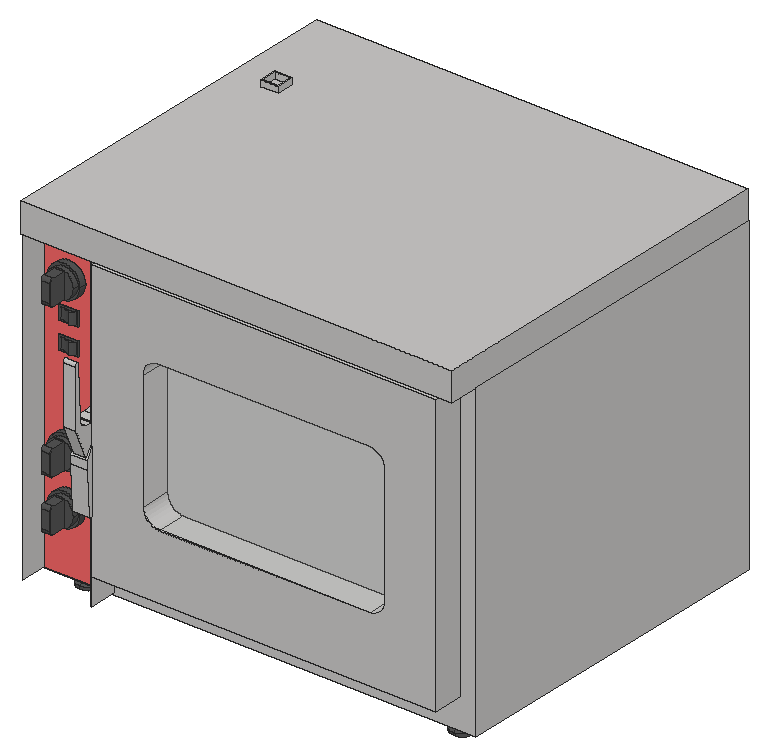
Revit family "ADB Fours 706CT", category Equipement spécialisé, Revit 2022
Family settings
  Cote de connecteur circulaire = Utiliser le diamètre
  Type d'élément = Normal
  Numéro OmniClass = 23.40.40.14.17.11
  Titre OmniClass = Cookers, Ovens, Stoves
  Basée sur le plan de construction = Non
  Toujours verticalement = Oui
  Couper avec des vides une fois chargée = Non
  Conserver l'orientation des annotations = Non
  Partagée = Non
  Repère de localisation dans la pièce = Non
Parameters (values of type "CFE 706 CT")
  URL catalogue = "https://www.ambassade-de-bourgogne.com/fr/produits/fours/Resources/CFE-706-CT.pdf"
  URL = "https://www.ambassade-de-bourgogne.com/fr/produits/fours/Resources/CFE-706-CT.pdf"
  Type de Raccord Plomberie [instance] = if(Humidificateur HU 706, "21/15", "")  # ""
  Type de Raccord Electrique [instance] = "Bornier 40A"  # constant formula
  Type article = ""
  Tension [instance] = 230 V  # constant formula
  Support Four SF 706 [instance] = no
  Spécification du Fabricant = ""
  Sans option [instance] = not(SF500)  # yes
  SF500 [instance] = or(Support Four SF 706, [Echelles ECH 700 + Support Four SF 706])  # no
  Remarques Electricité [instance] = "230V(MONO) ou 400V(TRI)ou 400V(TRI sans neutre)"  # constant formula
  Puissance électrique [instance] = 6000 W + if(Gril électrique SG 706, 2850 W, 0 W)  # 6000 W
  Profondeur [instance] = 752 mm  # constant formula
  Porte standard [instance] = not(Porte inversée)  # yes
  Humidificateur HU 706 [instance] = no
  Gril électrique SG 706 = no
  Encombrement Porte standard [instance] = and(Encombrements, not(Porte inversée))  # yes
  Porte inversée [instance] = no
  Poids net à vide [instance] = 76.00 kg + if(or(Support Four SF 706, [Echelles ECH 700 + Support Four SF 706]), 15.00 kg, 0.00 kg)  # 76.00 kg
  Phase [instance] = 1  # constant formula
  Nombres de Pôles [instance] = Phase  # 1
  Modèle = "CFE 706 CT"
  Longueur [instance] = 750 mm  # constant formula
  Intensité nominale [instance] = Puissance électrique / (Tension * sqrt(Phase))  # 26.087 A
  Ht Four = 639 mm  # constant formula
  Hauteur [instance] = if(SF500, 1517 mm, 639 mm)  # 639 mm
  Fréquence [instance] = 50 Hz  # constant formula
  Fabricant = "Société Industrielle de Lacanche"  # constant formula
  Encombrements [instance] = yes
  Encombrement Porte inversée [instance] = and(Encombrements, Porte inversée)  # no
  Elévation par défaut = 0 mm
  Echelles ECH 700 + Support Four SF 706 [instance] = no
  Décalage porte [instance] = if(Porte inversée, 26 mm, 126 mm)  # 126 mm
  Décalage poignée [instance] = if(Porte inversée, 654 mm, 126 mm)  # 126 mm
  Décalage commandes [instance] = if(Porte inversée, Longueur, 121 mm)  # 121 mm
  Décalage boutons [instance] = if(Porte inversée, 46.5 mm, 75 mm)  # 75 mm
  Diamètre de Raccordement Eau Froide [instance] = if(Humidificateur HU 706, 21 mm, 0 mm)  # 0 mm
  Description = "Four électrique à convection forcée 6 niveaux GN 1/1 au pas de 65mm"
  Connecteurs [instance] = yes
  Type Comments = ""
Reference planes
  plane 1 "Centre (avant/arrière)": y = 0
  plane 2: z = 0
  plane 3 "Centre (gauche/droite)": x = 0
  plane 4 "dessus": z = 639
  plane 5 "gauche": x = -375
  plane 6 "droite": x = 375
  plane 7 "avant": y = -376
  plane 8 "arrière": y = 376
  plane 9 "Bas Four": z = 0
  plane 10 "COMMANDE": x = -254
  plane 11: z = 22.5
  plane 12 "Elec X": x = -280
  plane 13 "ElecZ": z = 297
  plane 14 "pieds": x = -311
  plane 15 "Poignée": x = -249
  plane 16 "Boutons": x = -329
Forms (mm)
  Revolve 1, solid, material "ADB_Plastic-Black", visible <- "SF500", detail levels medium+fine
    sketch origin (2.85, -239, 0) x (-1, 0, 0) y (0, 0, -1)
      loop
        line (-308.15, -34) -> (-308.15, 0) -> (-337.65, 0) -> (-337.65, -5) -> (-334.277, -5)
        arc (-334.277, -5) -> (-330.265, -6.403) -> (-328, -10) r 6.44
        line (-328, -10) -> (-328, -22) -> (-332, -22) -> (-338.176, -28.176) -> (-338.3, -34) -> (-308.15, -34)
      axis (-308.15, -34) -> (-308.15, 0)
    angle from 0 to 360
  Extrusion 2, solid, material "ADB_Stainless Steel-Polished", visible <- "SF500", detail levels medium+fine
    sketch origin (0, 0, 0) x (1, 0, 0) y (0, 1, 0)
      loop
        circle (311, -239) r 30.15
      loop
        circle (311, 241.07) r 30.15
      loop
        circle (-311, -239.07) r 30.15
      loop
        circle (-311, 241) r 30.15
    from 34 to 894
  Extrusion 3, solid, material "ADB_Stainless Steel-Polished", visible <- "SF500", detail levels medium+fine
    sketch origin (0, 0, 0) x (1, 0, 0) y (0, 1, 0)
      loop
        line (309.757, -239) -> (310.442, 241.032) -> (-310.356, 240.367) -> (-311.043, -239) -> (309.757, -239)
    from 157.2 to 193.2
  Extrusion 4, solid, material "ADB_Stainless Steel-Polished", visible <- "SF500", detail levels medium+fine
    sketch origin (0, 0, 0) x (1, 0, 0) y (0, 1, 0)
      loop
        line (-311, 253.5) -> (-311, -251.5) -> (311, -251.5) -> (311, 253.5) -> (-311, 253.5)
    from 856 to 895.012
  Revolve 5, solid, material "ADB_Plastic-Black", visible <- "Sans option", detail levels medium+fine
    sketch origin (325, -65.5, 0) x (0, 1, 0) y (0, 0, 1)
      loop
        line (-200, 16.5) -> (-200, 11.5) -> (-201.75, 11.5) -> (-201.75, 9.2) -> (-210.5, 4) -> (-210.5, 0) -> (-190.5, 0) -> (-190.5, 22.5) -> (-194.5, 22.5) -> (-194.5, 16.5) -> (-200, 16.5)
      axis (-190.5, 0) -> (-190.5, 22.5)
    angle from 0 to 360
  Extrusion 6, solid, material "ADB_Stainless Steel-Polished", detail levels medium+fine
    sketch origin (375, 0, 0) x (0, 1, 0) y (0, 0, 1)
      loop
        line (300.963, 22.5) -> (300.963, 565.5) -> (-292, 565.5) -> (-292, 22.5) -> (300.963, 22.5)
    from -749 to 1
  Extrusion 7, solid, material "ADB_Stainless Steel-Polished", detail levels medium+fine
    sketch origin (375, 0, 0) x (0, 1, 0) y (0, 0, 1)
      loop
        line (-343, 615.5) -> (-343, 565.5) -> (301, 565.5) -> (301, 615.5) -> (-343, 615.5)
    from 0 to -750
  Extrusion 8, solid, material "ADB_Stainless Steel-Polished", detail levels medium+fine
    sketch origin (0, -376, 0) x (-1, 0, 0) y (0, 0, 1)
      loop
        line (249, 560.5) -> (-349, 560.5) -> (-349, 75.5) -> (249, 75.5) -> (249, 560.5)
      loop
        arc (-232.8, 448.089) -> (-252.033, 440.122) -> (-260, 420.889) r 27.2
        line (-260, 420.889) -> (-260, 215.482)
        arc (-260, 215.482) -> (-252.033, 196.249) -> (-232.8, 188.282) r 27.2
        line (-232.8, 188.282) -> (132.936, 188.282)
        arc (132.936, 188.282) -> (152.194, 196.259) -> (160.171, 215.518) r 27.235
        line (160.171, 215.518) -> (160.171, 420.778)
        arc (160.171, 420.778) -> (152.172, 440.09) -> (132.861, 448.089) r 27.311
        line (132.861, 448.089) -> (-232.8, 448.089)
    from 32 to 84
  Extrusion 9, solid, material "ADB_Stainless Steel-Polished", detail levels medium+fine
    sketch origin (-249, 0, 115) x (0, 0, -1) y (0, -1, 0)
      loop
        line (-129.5, 353.5) -> (-144.5, 353.5) -> (-168.309, 340) -> (-198.309, 340) -> (-199.477, 322.486) -> (-200, 312.5) -> (-49.5, 312.5) -> (-50.023, 322.486) -> (-54.5, 348.5) -> (-129.5, 353.5)
    from 0 to 30
  Extrusion 10, solid, material "ADB_Stainless Steel-Polished", detail levels medium+fine
    sketch origin (-249, 0, 115) x (0, 0, -1) y (0, -1, 0)
      loop
        line (-198.5, 375.028) -> (-298.5, 375.028)
        arc (-298.5, 375.028) -> (-302.405, 373.199) -> (-303.5, 369.028) r 5.083
        line (-303.5, 369.028) -> (-212.553, 365.852)
        arc (-212.553, 365.852) -> (-202.751, 361.742) -> (-198.133, 352.169) r 15
        line (-198.133, 352.169) -> (-197.069, 340) -> (-168.309, 340) -> (-147.094, 352.029) -> (-198.5, 375.028)
    from 4.5 to 25.5
  Extrusion 11, solid, material "ADB_Network_Electricity_Yellow", visible <- "Connecteurs", detail levels medium+fine
    sketch origin (235.887, 300.963, 565.5) x (0, 0, -1) y (-1, 0, 0)
      loop
        circle (268.5, 515.887) r 10
    from 0 to 10
  Extrusion 12, solid, detail levels coarse
    sketch origin (0, 0, 0) x (1, 0, 0) y (0, 1, 0)
      loop
        line (-375, 376) -> (-375, -376) -> (375, -376) -> (375, 376) -> (-375, 376)
    from 0 to 639 <- "Hauteur"
  Revolve 13, solid, material "ADB_Plastic-Black", visible <- "SF500", detail levels medium+fine
    sketch origin (2.85, 241.07, 0) x (-1, 0, 0) y (0, 0, -1)
      loop
        line (-308.15, -34) -> (-308.15, 0) -> (-337.65, 0) -> (-337.65, -5) -> (-334.277, -5)
        arc (-334.277, -5) -> (-330.265, -6.403) -> (-328, -10) r 6.44
        line (-328, -10) -> (-328, -22) -> (-332, -22) -> (-338.176, -28.176) -> (-338.3, -34) -> (-308.15, -34)
      axis (-308.15, -34) -> (-308.15, 0)
    angle from 0 to 360
  Revolve 14, solid, material "ADB_Plastic-Black", visible <- "Sans option", detail levels medium+fine
    sketch origin (325, 361.5, 0) x (0, 1, 0) y (0, 0, 1)
      loop
        line (-127, 16.5) -> (-127, 11.5) -> (-128.75, 11.5) -> (-128.75, 9.2) -> (-137.5, 4) -> (-137.5, 0) -> (-117.5, 0) -> (-117.5, 22.5) -> (-121.5, 22.5) -> (-121.5, 16.5) -> (-127, 16.5)
      axis (-117.5, 0) -> (-117.5, 22.5)
    angle from 0 to 360
  Revolve 15, solid, material "ADB_Plastic-Black", visible <- "Sans option", detail levels medium+fine
    sketch origin (-324.875, -65.5, 0) x (0, 1, 0) y (0, 0, -1)
      loop
        line (-200, -16.5) -> (-194.5, -16.5) -> (-194.5, -22.5) -> (-190.5, -22.5) -> (-190.5, 0) -> (-210.5, 0) -> (-210.5, -4) -> (-201.75, -9.2) -> (-201.75, -11.5) -> (-200, -11.5) -> (-200, -16.5)
      axis (-190.5, 0) -> (-190.5, -22.5)
    angle from 0 to 360
  Revolve 16, solid, material "ADB_Plastic-Black", visible <- "Sans option", detail levels medium+fine
    sketch origin (-324.875, 361.5, 0) x (0, 1, 0) y (0, 0, -1)
      loop
        line (-127, -16.5) -> (-121.5, -16.5) -> (-121.5, -22.5) -> (-117.5, -22.5) -> (-117.5, 0) -> (-137.5, 0) -> (-137.5, -4) -> (-128.75, -9.2) -> (-128.75, -11.5) -> (-127, -11.5) -> (-127, -16.5)
      axis (-117.5, 0) -> (-117.5, -22.5)
    angle from 0 to 360
  Extrusion 17, solid, material "ADB_Stainless Steel-Polished", detail levels medium+fine
    sketch origin (0, 0, 0) x (-1, 0, 0) y (0, -1, 0)
      loop
        line (374, 292) -> (374, 339.8) -> (372.5, 339.8) -> (372.5, 294.5) -> (255.5, 294.5) -> (255.5, 339.8) -> (254, 339.8) -> (254, 292) -> (374, 292)
    from 25.5 to 565.561
  Extrusion 18, solid, material "ADB_Plastic-Black", detail levels fine
    sketch origin (-20, 0, 0) x (-1, 0, 0) y (0, -1, 0)
      loop
        line (292.526, 296.5) -> (292.526, 294.5) -> (324.526, 294.5) -> (324.526, 296.5) -> (292.526, 296.5)
    from 421 to 446
  Extrusion 19, solid, material "ADB_Plastic-Black", detail levels fine
    sketch origin (-20, 0, 0) x (-1, 0, 0) y (0, -1, 0)
      loop
        arc (321.026, 296.5) -> (310.901, 298.311) -> (302.03, 303.518) r 29.216
        arc (302.03, 303.518) -> (298.371, 300.571) -> (296.026, 296.5) r 12.769
        line (296.026, 296.5) -> (321.026, 296.5)
    from 424 to 443
  Extrusion 20, solid, material "ADB_Glass-Transparent", detail levels medium+fine
    sketch origin (0, -376, 0) x (-1, 0, 0) y (0, 0, 1)
      loop
        arc (-232.8, 448.089) -> (-252.033, 440.122) -> (-260, 420.889) r 27.2
        line (-260, 420.889) -> (-260, 215.482)
        arc (-260, 215.482) -> (-252.033, 196.249) -> (-232.8, 188.282) r 27.2
        line (-232.8, 188.282) -> (132.971, 188.282)
        arc (132.971, 188.282) -> (152.205, 196.249) -> (160.171, 215.482) r 27.2
        line (160.171, 215.482) -> (160.171, 420.889)
        arc (160.171, 420.889) -> (152.205, 440.122) -> (132.971, 448.089) r 27.2
        line (132.971, 448.089) -> (-232.8, 448.089)
    from 33 to 84
  Revolve 21, solid, material "ADB_Plastic-Black", detail levels medium+fine
    sketch origin (-311, 479.933, 0) x (0, 1, 0) y (0, 0, 1)
      loop
        line (-239, 34) -> (-239, 0) -> (-209.567, 0) -> (-209.567, 5) -> (-212.94, 5)
        arc (-212.94, 5) -> (-216.953, 6.403) -> (-219.217, 10) r 6.44
        line (-219.217, 10) -> (-219.217, 22) -> (-215.217, 22) -> (-209.041, 28.176) -> (-208.917, 34) -> (-239, 34)
      axis (-239, 34) -> (-239, 0)
    angle from 0 to 360
  Revolve 22, solid, material "ADB_Plastic-Black", detail levels medium+fine
    sketch origin (-311, -0.137, 0) x (0, 1, 0) y (0, 0, 1)
      loop
        line (-239, 34) -> (-239, 0) -> (-209.567, 0) -> (-209.567, 5) -> (-212.94, 5)
        arc (-212.94, 5) -> (-216.953, 6.403) -> (-219.217, 10) r 6.44
        line (-219.217, 10) -> (-219.217, 22) -> (-215.217, 22) -> (-209.041, 28.176) -> (-208.917, 34) -> (-239, 34)
      axis (-239, 34) -> (-239, 0)
    angle from 0 to 360
  Extrusion 23, solid, material "ADB_Stainless Steel-Polished", visible <- "Porte standard", detail levels medium+fine
    sketch origin (0, 0, 639) x (0, -1, 0) y (1, 0, 0)
      loop
        line (-140, -318.5) -> (-110, -318.5) -> (-110, -288.5) -> (-140, -288.5) -> (-140, -318.5)
      loop
        line (-138.5, -317) -> (-111.5, -317) -> (-111.5, -290) -> (-138.5, -290) -> (-138.5, -317)
    from -23.5 to -13
  Extrusion 24, solid, material "ADB_Plastic-Black", detail levels fine
    sketch origin (0, 0, 0) x (-1, 0, 0) y (0, -1, 0)
      loop
        line (312.526, 296.5) -> (312.526, 294.5) -> (344.526, 294.5) -> (344.526, 296.5) -> (312.526, 296.5)
    from 374 to 399
  Extrusion 25, solid, material "ADB_Plastic-Black", detail levels fine
    sketch origin (0, 0, 0) x (-1, 0, 0) y (0, -1, 0)
      loop
        arc (341.026, 296.5) -> (330.901, 298.311) -> (322.03, 303.518) r 29.216
        arc (322.03, 303.518) -> (318.371, 300.571) -> (316.026, 296.5) r 12.769
        line (316.026, 296.5) -> (341.026, 296.5)
    from 377 to 396
  Sweep 26, solid, material "ADB_Stainless Steel-Polished", visible <- "Echelles ECH 700 + Support Four SF 706", detail levels medium+fine
    path origin (0, -265.559, 0) x (1, 0, 0) y (0, 0, 1)
      loop
        line (-166.5, 14.057) -> (-166.5, -488.75)
        arc (-166.5, -488.75) -> (-158.812, -507.312) -> (-140.25, -515) r 26.25
        line (-140.25, -515) -> (140.25, -515)
        arc (140.25, -515) -> (158.812, -507.312) -> (166.5, -488.75) r 26.25
        line (166.5, -488.75) -> (166.5, 14)
    profile origin (-166.5, -265.559, -237.346) x (0, -1, 0) y (1, 0, 0)
      loop
        circle (0, -10.5) r 10.5
  Sweep 27, solid, material "ADB_Stainless Steel-Polished", visible <- "Echelles ECH 700 + Support Four SF 706", detail levels medium+fine
    path origin (0, 267.503, 0) x (1, 0, 0) y (0, 0, 1)
      loop
        line (-166, 14.057) -> (-166, -488.75)
        arc (-166, -488.75) -> (-158.312, -507.312) -> (-139.75, -515) r 26.25
        line (-139.75, -515) -> (140.25, -515)
        arc (140.25, -515) -> (158.812, -507.312) -> (166.5, -488.75) r 26.25
        line (166.5, -488.75) -> (166.5, 14)
    profile origin (-166, 267.503, -237.346) x (0, -1, 0) y (1, 0, 0)
      loop
        circle (0, -10.5) r 10.5
  Extrusion 28, solid, material "ADB_Stainless Steel-Polished", visible <- "Porte inversée", detail levels medium+fine
    sketch origin (0, 0, 639) x (0, 1, 0) y (-1, 0, 0)
      loop
        line (140, -318.5) -> (140, -288.5) -> (110, -288.5) -> (110, -318.5) -> (140, -318.5)
      loop
        line (138.5, -317) -> (138.5, -290) -> (111.5, -290) -> (111.5, -317) -> (138.5, -317)
    from -23.5 to -13
  Extrusion 29, solid, material "ADB_Stainless Steel-Polished", visible <- "Porte standard", detail levels medium+fine
    sketch origin (0, 0, 639) x (0, -1, 0) y (1, 0, 0)
      loop
        line (-376, 159) -> (-376, -58.998) -> (-300.963, -58.998) -> (-300.963, 159) -> (-376, 159)
    from -566.2 to -227.8
  Extrusion 30, solid, material "ADB_Stainless Steel-Polished", visible <- "Porte inversée", detail levels medium+fine
    sketch origin (0, 0, 639) x (0, 1, 0) y (-1, 0, 0)
      loop
        line (376, 159) -> (300.963, 159) -> (300.963, -58.998) -> (376, -58.998) -> (376, 159)
    from -566.2 to -227.8
  Extrusion 31, solid, material "ADB_Network_Cold_water_Blue", visible <- "Humidificateur HU 706", detail levels medium+fine
    sketch origin (375, 300.963, 565.5) x (0, 0, -1) y (-1, 0, 0)
      loop
        circle (103.5, 684) r 10.5
    from 0 to 10
Cuts and joins
  joined: Extrusion 2, Extrusion 3, Extrusion 4
Lines and regions (mm)
  symbolic lines, style "SpecialityEquipmentHiddenLines", visible <- "Encombrement Porte standard"
    curve 1: line (349, -342, 0) -> (349, -940, 0)
    curve 2: arc (349, -940, 0) -> (-73.85, -764.85, 0) -> (-249, -342, 0) r 598
  symbolic lines, style "SpecialityEquipmentHiddenLines", visible <- "Encombrement Porte inversée"
    curve 3: line (-349, -344, 639) -> (-349, -942, 639)
    curve 4: arc (-349, -942, 639) -> (73.85, -766.85, 639) -> (249, -344, 639) r 598
Dimensions and locks
  "Hauteur": plane 4 "dessus" to plane 2
  equal spacing: plane 5 "gauche", plane 3 "Centre (gauche/droite)", plane 6 "droite"
  "Longueur": plane 5 "gauche" to plane 6 "droite"
  equal spacing: plane 8 "arrière", plane 1 "Centre (avant/arrière)", plane 7 "avant"
  "Profondeur": plane 8 "arrière" to plane 7 "avant"
  "Ht Four": plane 4 "dessus" to plane 9 "Bas Four"
  locked: Extrusion 6 to plane 5 "gauche" at 1
  "Décalage porte": Extrusion 8 sketch curve to plane 5 "gauche"
  "Décalage commandes": plane 10 "COMMANDE" to plane 5 "gauche"
  locked: plane 9 "Bas Four" to plane 11 at 22.5
  locked: plane 6 "droite" to plane 12 "Elec X" at 655
  locked: plane 9 "Bas Four" to plane 13 "ElecZ" at 297
  Extrusion 17 sketch curve to Extrusion 17 sketch curve to plane 10 "COMMANDE" = 1.5 mm locked, 118.5 mm
  locked: Extrusion 8 sketch curve to Extrusion 8 sketch curve at 88.829
  Extrusion 8 sketch curve to Extrusion 8 sketch curve to Extrusion 8 sketch curve = 420.171 mm locked, 89 mm locked
  Revolve 1 sketch curve to Revolve 1 sketch curve to Revolve 1 sketch curve to Revolve 1 sketch curve to plane 2 = 5.824 mm locked, 6.176 mm locked, 12 mm locked, 10 mm locked
  Revolve 13 sketch curve to Revolve 13 sketch curve to Revolve 13 sketch curve to Revolve 13 sketch curve to plane 2 = 5.824 mm locked, 6.176 mm locked, 12 mm locked, 10 mm locked
  locked: plane 5 "gauche" to plane 14 "pieds" at 64
  "Décalage poignée": plane 15 "Poignée" to plane 5 "gauche"
  Extrusion 18 sketch curve to plane 16 "Boutons" to Extrusion 18 sketch curve = 15.526 mm locked, 16.474 mm locked
  Extrusion 19 sketch curve to plane 16 "Boutons" to Extrusion 19 sketch curve to Extrusion 19 sketch curve = 12.026 mm locked, 6.97 mm locked, 6.005 mm locked
  locked: Extrusion 8 to Extrusion 20 sketch curve at 88.829
  locked: Extrusion 20 sketch curve to Extrusion 20 sketch curve at 420.171
  Extrusion 24 sketch curve to plane 16 "Boutons" to Extrusion 24 sketch curve = 15.526 mm locked, 16.474 mm locked
  Extrusion 25 sketch curve to plane 16 "Boutons" to Extrusion 25 sketch curve to Extrusion 25 sketch curve = 12.026 mm locked, 6.97 mm locked, 6.005 mm locked
  "Décalage boutons": plane 10 "COMMANDE" to plane 16 "Boutons"
  plane 5 "gauche" to Extrusion 23 sketch curve to Extrusion 23 sketch curve = 56.5 mm locked, 30 mm locked
  Extrusion 28 sketch curve to Extrusion 28 sketch curve to plane 6 "droite" = 30 mm locked, 56.5 mm locked
  Sweep 26 sketch curve to plane 9 "Bas Four" to Sweep 26 sketch curve = 14.057 mm locked, 515 mm locked
  locked: Sweep 26 sketch curve to plane 9 "Bas Four" at 14
  Sweep 27 sketch curve to plane 9 "Bas Four" to Sweep 27 sketch curve = 14.057 mm locked, 515 mm locked
  locked: Sweep 27 sketch curve to plane 9 "Bas Four" at 14
  Sweep 26 sketch curve to plane 3 "Centre (gauche/droite)" to Sweep 26 sketch curve = 166.5 mm locked, 166.5 mm locked
  Sweep 27 sketch curve to plane 3 "Centre (gauche/droite)" to Sweep 27 sketch curve = 166.5 mm locked, 166 mm locked
  Extrusion 8 sketch curve to Extrusion 8 sketch curve to plane 11 = 259.806 mm locked, 165.782 mm locked
  Extrusion 20 sketch curve to Extrusion 20 sketch curve to plane 11 = 259.806 mm locked, 165.782 mm locked
  locked: plane 6 "droite" to Extrusion 31 sketch curve at 684
  locked: plane 9 "Bas Four" to Extrusion 31 sketch curve at 462
  Extrusion 29 sketch curve to plane 3 "Centre (gauche/droite)" to Extrusion 29 sketch curve = 58.998 mm locked, 159 mm locked
  Extrusion 30 sketch curve to plane 3 "Centre (gauche/droite)" to Extrusion 30 sketch curve = 159 mm locked, 58.998 mm locked
  radius of Extrusion 8 sketch curve = 27.2 mm  (x2)
  radius of Extrusion 8 sketch curve = 27.311 mm
  radius of Extrusion 8 sketch curve = 27.235 mm
  radius of Extrusion 19 sketch curve = 29.216 mm
  radius of Extrusion 19 sketch curve = 12.769 mm
  radius of Extrusion 20 sketch curve = 27.2 mm  (x4)
  radius of Extrusion 25 sketch curve = 29.216 mm
  radius of Extrusion 25 sketch curve = 12.769 mm
  aligned and locked: level to plane 2
  aligned and locked: Extrusion 7 to plane 5 "gauche"
  aligned and locked: Extrusion 11 to plane 12 "Elec X"
  aligned and locked: Extrusion 11 sketch curve to plane 13 "ElecZ"
  aligned and locked: Extrusion 11 sketch curve to plane 12 "Elec X"
  aligned and locked: Extrusion 8 to curve 2
  aligned and locked: nested 2 to plane 16 "Boutons"
  aligned and locked: nested 3 to plane 16 "Boutons"
  aligned and locked: nested 4 to plane 16 "Boutons"
Automatic sketch dimensions
  Revolve 1 sketch curve to level = 0 mm  (x2)
  Revolve 1 sketch curve to plane 6 "droite" = 33.85 mm
  Revolve 1 sketch curve to Revolve 1 sketch curve = 0.124 mm
  level to Revolve 1 sketch curve = 5 mm
  Revolve 1 sketch curve to Revolve 1 sketch curve = 0.526 mm
  Revolve 1 sketch curve to Revolve 1 sketch curve = 3.373 mm
  Revolve 1 sketch curve to Revolve 1 sketch curve = 6.176 mm
  Revolve 1 sketch curve to Revolve 1 sketch curve = 4 mm
  Revolve 1 sketch curve to Revolve 1 sketch curve = 19.85 mm
  Revolve 1 sketch curve to Revolve 1 sketch curve = 0 mm  (x2)
  Extrusion 2 sketch curve to Extrusion 2 sketch curve = 0 mm  (x4)
  Extrusion 2 sketch curve to plane 14 "pieds" = 0 mm  (x2)
  Extrusion 2 sketch curve to plane 6 "droite" = 64 mm  (x2)
  plane 7 "avant" to Extrusion 2 sketch curve = 136.93 mm
  plane 7 "avant" to Extrusion 2 sketch curve = 137 mm
  Extrusion 2 sketch curve to plane 8 "arrière" = 135 mm
  Extrusion 2 sketch curve to plane 8 "arrière" = 134.93 mm
  Extrusion 2 sketch curve to Extrusion 2 sketch curve = 30.15 mm  (x2)
  Extrusion 3 sketch curve to plane 14 "pieds" = 0.043 mm
  plane 14 "pieds" to Extrusion 3 sketch curve = 0.644 mm
  Extrusion 3 sketch curve to plane 6 "droite" = 65.243 mm
  Extrusion 3 sketch curve to plane 6 "droite" = 64.558 mm
  plane 7 "avant" to Extrusion 3 sketch curve = 137 mm
  Extrusion 3 sketch curve to plane 8 "arrière" = 135.633 mm
  Extrusion 3 sketch curve to plane 8 "arrière" = 134.968 mm
  plane 14 "pieds" to Extrusion 4 sketch curve = 0 mm
  Extrusion 4 sketch curve to plane 6 "droite" = 64 mm
  plane 7 "avant" to Extrusion 4 sketch curve = 124.5 mm
  Extrusion 4 sketch curve to plane 8 "arrière" = 122.5 mm
  level to Revolve 5 sketch curve = 0 mm
  plane 7 "avant" to Revolve 5 sketch curve = 100 mm
  Revolve 5 sketch curve to Revolve 5 sketch curve = 8.75 mm
  Revolve 5 sketch curve to Revolve 5 sketch curve = 1.75 mm
  Revolve 5 sketch curve to plane 11 = 0 mm
  Revolve 5 sketch curve to Revolve 5 sketch curve = 5.5 mm
  Revolve 5 sketch curve to Revolve 5 sketch curve = 4 mm  (x2)
  level to Revolve 5 sketch curve = 9.2 mm
  Revolve 5 sketch curve to Revolve 5 sketch curve = 2.3 mm
  Revolve 5 sketch curve to Revolve 5 sketch curve = 5 mm
  Revolve 5 sketch curve to Revolve 5 sketch curve = 0 mm  (x3)
  plane 11 to Extrusion 6 sketch curve = 0 mm
  plane 7 "avant" to Extrusion 6 sketch curve = 84 mm
  Extrusion 6 sketch curve to plane 8 "arrière" = 75.037 mm
  plane 4 "dessus" to Extrusion 6 sketch curve = 73.5 mm
  plane 7 "avant" to Extrusion 7 sketch curve = 33 mm
  Extrusion 7 sketch curve to plane 8 "arrière" = 75 mm
  plane 4 "dessus" to Extrusion 7 sketch curve = 73.5 mm
  plane 4 "dessus" to Extrusion 7 sketch curve = 23.5 mm
  plane 13 "ElecZ" to Extrusion 9 sketch curve = 18 mm
  Extrusion 9 sketch curve to Extrusion 9 sketch curve = 0.523 mm  (x2)
  plane 13 "ElecZ" to Extrusion 9 sketch curve = 16.309 mm
  Extrusion 9 sketch curve to plane 13 "ElecZ" = 13.691 mm
  Extrusion 9 sketch curve to Extrusion 9 sketch curve = 23.809 mm
  plane 7 "avant" to Extrusion 9 sketch curve = 22.5 mm
  Extrusion 9 sketch curve to Extrusion 9 sketch curve = 15 mm
  plane 7 "avant" to Extrusion 9 sketch curve = 27.5 mm
  Extrusion 9 sketch curve to Extrusion 9 sketch curve = 75 mm
  plane 7 "avant" to Extrusion 9 sketch curve = 53.514 mm
  Extrusion 9 sketch curve to Extrusion 9 sketch curve = 4.477 mm
  plane 7 "avant" to Extrusion 9 sketch curve = 63.5 mm
  Extrusion 9 sketch curve to Extrusion 9 sketch curve = 9.986 mm
  Extrusion 9 sketch curve to Extrusion 9 sketch curve = 13.5 mm
  plane 7 "avant" to Extrusion 10 sketch curve = 6.972 mm
  plane 13 "ElecZ" to Extrusion 10 sketch curve = 121.5 mm
  plane 7 "avant" to Extrusion 10 sketch curve = 0.972 mm
  Extrusion 10 sketch curve to Extrusion 10 sketch curve = 5 mm
  plane 13 "ElecZ" to Extrusion 10 sketch curve = 31.076 mm
  plane 7 "avant" to Extrusion 10 sketch curve = 10.148 mm
  Extrusion 10 sketch curve to Extrusion 10 sketch curve = 0.523 mm
  plane 13 "ElecZ" to Extrusion 10 sketch curve = 16.5 mm
  Extrusion 10 sketch curve to Extrusion 10 sketch curve = 14.943 mm
  Extrusion 10 sketch curve to Extrusion 10 sketch curve = 1.065 mm
  Extrusion 10 sketch curve to plane 13 "ElecZ" = 13.691 mm
  Extrusion 10 sketch curve to Extrusion 10 sketch curve = 21.215 mm
  Extrusion 10 sketch curve to Extrusion 10 sketch curve = 13.684 mm
  plane 7 "avant" to Extrusion 10 sketch curve = 23.971 mm
  Extrusion 10 sketch curve to Extrusion 10 sketch curve = 12.029 mm
  Extrusion 12 sketch curve to plane 5 "gauche" = 0 mm
  Extrusion 12 sketch curve to plane 6 "droite" = 0 mm
  Extrusion 12 sketch curve to plane 7 "avant" = 0 mm
  Extrusion 12 sketch curve to plane 8 "arrière" = 0 mm
  Revolve 13 sketch curve to level = 0 mm  (x2)
  Revolve 13 sketch curve to plane 6 "droite" = 33.85 mm
  Revolve 13 sketch curve to Revolve 13 sketch curve = 0.124 mm
  level to Revolve 13 sketch curve = 5 mm
  Revolve 13 sketch curve to Revolve 13 sketch curve = 0.526 mm
  Revolve 13 sketch curve to Revolve 13 sketch curve = 3.373 mm
  Revolve 13 sketch curve to Revolve 13 sketch curve = 6.176 mm
  Revolve 13 sketch curve to Revolve 13 sketch curve = 4 mm
  Revolve 13 sketch curve to Revolve 13 sketch curve = 19.85 mm
  Revolve 13 sketch curve to Revolve 13 sketch curve = 0 mm  (x2)
  Revolve 14 sketch curve to level = 0 mm  (x2)
  plane 11 to Revolve 14 sketch curve = 0 mm  (x2)
  Revolve 14 sketch curve to plane 8 "arrière" = 152 mm
  Revolve 14 sketch curve to Revolve 14 sketch curve = 8.75 mm
  Revolve 14 sketch curve to Revolve 14 sketch curve = 1.75 mm
  Revolve 14 sketch curve to Revolve 14 sketch curve = 5.5 mm
  Revolve 14 sketch curve to Revolve 14 sketch curve = 4 mm
  level to Revolve 14 sketch curve = 4 mm
  level to Revolve 14 sketch curve = 9.2 mm
  Revolve 14 sketch curve to Revolve 14 sketch curve = 2.3 mm
  Revolve 14 sketch curve to Revolve 14 sketch curve = 5 mm
  Revolve 14 sketch curve to Revolve 14 sketch curve = 0 mm
  Revolve 15 sketch curve to level = 0 mm  (x2)
  plane 11 to Revolve 15 sketch curve = 0 mm  (x2)
  plane 7 "avant" to Revolve 15 sketch curve = 100 mm
  Revolve 15 sketch curve to Revolve 15 sketch curve = 8.75 mm
  Revolve 15 sketch curve to Revolve 15 sketch curve = 1.75 mm
  Revolve 15 sketch curve to Revolve 15 sketch curve = 5.5 mm
  Revolve 15 sketch curve to Revolve 15 sketch curve = 4 mm
  Revolve 15 sketch curve to Revolve 15 sketch curve = 6 mm
  Revolve 15 sketch curve to Revolve 15 sketch curve = 5 mm
  Revolve 15 sketch curve to Revolve 15 sketch curve = 2.3 mm
  level to Revolve 15 sketch curve = 4 mm
  Revolve 15 sketch curve to Revolve 15 sketch curve = 0 mm
  Revolve 16 sketch curve to level = 0 mm
  Revolve 16 sketch curve to plane 8 "arrière" = 152 mm
  Revolve 16 sketch curve to Revolve 16 sketch curve = 8.75 mm
  Revolve 16 sketch curve to Revolve 16 sketch curve = 1.75 mm
  plane 11 to Revolve 16 sketch curve = 0 mm
  Revolve 16 sketch curve to Revolve 16 sketch curve = 5.5 mm
  Revolve 16 sketch curve to Revolve 16 sketch curve = 4 mm
  Revolve 16 sketch curve to Revolve 16 sketch curve = 6 mm
  Revolve 16 sketch curve to Revolve 16 sketch curve = 5 mm
  Revolve 16 sketch curve to Revolve 16 sketch curve = 2.3 mm
  level to Revolve 16 sketch curve = 4 mm
  Revolve 16 sketch curve to Revolve 16 sketch curve = 0 mm  (x3)
  Extrusion 17 sketch curve to plane 10 "COMMANDE" = 0 mm
  Extrusion 17 sketch curve to Extrusion 17 sketch curve = 1.5 mm
  plane 7 "avant" to Extrusion 17 sketch curve = 84 mm
  Extrusion 17 sketch curve to Extrusion 17 sketch curve = 2.5 mm
  plane 7 "avant" to Extrusion 17 sketch curve = 36.2 mm  (x2)
  plane 7 "avant" to Extrusion 18 sketch curve = 81.5 mm
  Extrusion 18 sketch curve to Extrusion 18 sketch curve = 2 mm
  plane 7 "avant" to Extrusion 19 sketch curve = 83.731 mm
  curve 2 to plane 6 "droite" = 26 mm
  curve 1 to plane 6 "droite" = 26 mm
  plane 7 "avant" to curve 2 = 34 mm
  curve 2 to curve 1 = 0 mm
  Revolve 21 sketch curve to level = 0 mm  (x2)
  Revolve 21 sketch curve to plane 11 = 11.5 mm
  Revolve 21 sketch curve to plane 8 "arrière" = 135.067 mm
  level to Revolve 21 sketch curve = 10 mm
  Revolve 21 sketch curve to Revolve 21 sketch curve = 19.783 mm
  plane 11 to Revolve 21 sketch curve = 0.5 mm
  Revolve 21 sketch curve to Revolve 21 sketch curve = 4 mm
  Revolve 21 sketch curve to Revolve 21 sketch curve = 6.277 mm
  Revolve 21 sketch curve to Revolve 21 sketch curve = 3.373 mm
  Revolve 21 sketch curve to plane 11 = 5.676 mm
  Revolve 21 sketch curve to Revolve 21 sketch curve = 6.176 mm
  Revolve 21 sketch curve to Revolve 21 sketch curve = 0.124 mm
  level to Revolve 21 sketch curve = 5 mm
  Revolve 21 sketch curve to Revolve 21 sketch curve = 0 mm  (x2)
  Revolve 22 sketch curve to level = 0 mm  (x2)
  Revolve 22 sketch curve to plane 11 = 11.5 mm
  plane 7 "avant" to Revolve 22 sketch curve = 136.863 mm
  level to Revolve 22 sketch curve = 10 mm
  Revolve 22 sketch curve to Revolve 22 sketch curve = 19.783 mm
  plane 11 to Revolve 22 sketch curve = 0.5 mm
  Revolve 22 sketch curve to Revolve 22 sketch curve = 4 mm
  Revolve 22 sketch curve to Revolve 22 sketch curve = 6.277 mm
  Revolve 22 sketch curve to Revolve 22 sketch curve = 3.373 mm
  Revolve 22 sketch curve to plane 11 = 5.676 mm
  Revolve 22 sketch curve to Revolve 22 sketch curve = 6.176 mm
  Revolve 22 sketch curve to Revolve 22 sketch curve = 0.124 mm
  level to Revolve 22 sketch curve = 5 mm
  Revolve 22 sketch curve to Revolve 22 sketch curve = 0 mm  (x2)
  Extrusion 23 sketch curve to plane 1 "Centre (avant/arrière)" = 140 mm
  Extrusion 23 sketch curve to Extrusion 23 sketch curve = 1.5 mm  (x3)
  Extrusion 23 sketch curve to plane 14 "pieds" = 6 mm
  Extrusion 23 sketch curve to Extrusion 23 sketch curve = 27 mm
  plane 7 "avant" to Extrusion 24 sketch curve = 81.5 mm
  Extrusion 24 sketch curve to Extrusion 24 sketch curve = 2 mm
  plane 7 "avant" to Extrusion 25 sketch curve = 83.731 mm
  Sweep 27 sketch curve to plane 12 "Elec X" = 140.25 mm
  Sweep 27 sketch curve to Sweep 27 sketch curve = 26.25 mm
  profile plane to Sweep 27 sketch curve = 0 mm
  profile plane to Sweep 27 sketch curve = 10.5 mm
  Extrusion 28 sketch curve to plane 1 "Centre (avant/arrière)" = 110 mm
  Extrusion 28 sketch curve to Extrusion 28 sketch curve = 1.5 mm  (x4)
  Extrusion 28 sketch curve to Extrusion 28 sketch curve = 27 mm
  Extrusion 29 sketch curve to plane 8 "arrière" = 0 mm
  Extrusion 29 sketch curve to plane 8 "arrière" = 75.037 mm
  Extrusion 30 sketch curve to plane 8 "arrière" = 0 mm
  Extrusion 30 sketch curve to Extrusion 30 sketch curve = 75.037 mm
  profile plane to Sweep 26 sketch curve = 0 mm
  profile plane to Sweep 26 sketch curve = 10.5 mm
  Sweep 26 sketch curve to plane 12 "Elec X" = 139.75 mm
  Sweep 26 sketch curve to Sweep 26 sketch curve = 26.25 mm
  plane 7 "avant" to curve 4 = 32 mm
  plane 5 "gauche" to curve 3 = 26 mm
  curve 3 to plane 7 "avant" = 566 mm
  curve 4 to curve 3 = 0 mm  (x2)
  Extrusion 8 sketch curve to plane 11 = 53 mm
  plane 4 "dessus" to Extrusion 8 sketch curve = 78.5 mm
  radius of Extrusion 2 sketch curve = 30.15 mm  (x2)
  radius of Extrusion 11 sketch curve = 10 mm
  radius of Sweep 27 sketch curve = 10.5 mm
  radius of Sweep 26 sketch curve = 10.5 mm
  radius of Extrusion 31 sketch curve = 10.5 mm
Nested families
  nested 1: "ECH 700" at (-166.5, -2.694, 484), visible <- "Echelles ECH 700 + Support Four SF 706", type "ECH 700", detail levels medium+fine
  nested 2: "Bouton" at (-329, -294.5, 490.677) x (-1, 0, 0) z (0, -1, 0), type "Bouton"
  nested 3: "Bouton" at (-329, -294.5, 225.052) x (-1, 0, 0) z (0, -1, 0), type "Bouton"
  nested 4: "Bouton" at (-329, -294.5, 135.364) x (-1, 0, 0) z (0, -1, 0), type "Bouton"
  nested 5: "ECH 700" at (166.5, -2.694, 484) x (-1, 0, 0) z (0, 0, 1), visible <- "Echelles ECH 700 + Support Four SF 706", type "ECH 700", detail levels medium+fine
  nested 6: "ECH 700" at (-166.5, -2.694, 564), visible <- "Echelles ECH 700 + Support Four SF 706", type "ECH 700", detail levels medium+fine
  nested 7: "ECH 700" at (166.5, -2.694, 564) x (-1, 0, 0) z (0, 0, 1), visible <- "Echelles ECH 700 + Support Four SF 706", type "ECH 700", detail levels medium+fine
  nested 8: "ECH 700" at (-166.5, -2.694, 644), visible <- "Echelles ECH 700 + Support Four SF 706", type "ECH 700", detail levels medium+fine
  nested 9: "ECH 700" at (166.5, -2.694, 644) x (-1, 0, 0) z (0, 0, 1), visible <- "Echelles ECH 700 + Support Four SF 706", type "ECH 700", detail levels medium+fine
  nested 10: "ECH 700" at (-166.5, -2.694, 724), visible <- "Echelles ECH 700 + Support Four SF 706", type "ECH 700", detail levels medium+fine
  nested 11: "ECH 700" at (166.5, -2.694, 724) x (-1, 0, 0) z (0, 0, 1), visible <- "Echelles ECH 700 + Support Four SF 706", type "ECH 700", detail levels medium+fine
  nested 12: "ECH 700" at (-166.5, -2.694, 804), visible <- "Echelles ECH 700 + Support Four SF 706", type "ECH 700", detail levels medium+fine
  nested 13: "ECH 700" at (166.5, -2.694, 804) x (-1, 0, 0) z (0, 0, 1), visible <- "Echelles ECH 700 + Support Four SF 706", type "ECH 700", detail levels medium+fine
  nested 14: "ECH 700" at (-166.5, -2.694, 404), visible <- "Echelles ECH 700 + Support Four SF 706", type "ECH 700", detail levels medium+fine
  nested 15: "ECH 700" at (166.5, -2.694, 404) x (-1, 0, 0) z (0, 0, 1), visible <- "Echelles ECH 700 + Support Four SF 706", type "ECH 700", detail levels medium+fine
Connectors
  electrical at (-280, 300.963, 297), driven by "Nombres de Pôles", driven by "Tension", driven by "Puissance électrique"
    settings: on Extrusion 11, index 1, voltage 230 V, apparent load 6000 VA, apparent load phase1 0 VA, apparent load phase2 0 VA, apparent load phase3 0 VA, power factor 1, load classification "Autre", number of poles 1, system type 30, power factor state 1, is connector primary yes, connector utility no, sub classification motor no, connector description ""
  piping at (-309, 300.963, 462), diameter 21
    settings: on Extrusion 31, index 2, connector inside diameter 609.6 mm, connector length 0 mm, flow factor 0, pipe flow 0.0 L/s, pressure drop 0.0 Pa, fitting loss kfactor 0, connector angle 0.00°, fixture units 0, engagement length 0 mm, angle of deflection 0.00°, flow configuration 0, flow direction 0, fitting loss method 0, system type 29, joint type 0, gender type 0, connector reference index -1, connector utility 0, adjustable connector no, is connector primary yes, connector description "Eau froide pour option humidicateur HU 706"
Definition of nested family "ECH 700"
  Parameters (values of type "ECH 700")
    Default Elevation = 0 mm
  Reference planes
    plane 1 "Centre (avant/arrière)": y = 0
    plane 2: z = 0
    plane 3 "Centre (gauche/droite)": x = 0
  Forms (mm)
    Extrusion 1, solid, detail levels medium+fine
      sketch origin (166.5, -376, -404) x (-1, 0, 0) y (0, 0, 1)
        loop
          line (166.5, 434) -> (165, 434) -> (165, 405.5) -> (152.5, 405.5) -> (152.5, 404) -> (166.5, 404) -> (166.5, 434)
      from 107 to 647
  Dimensions and locks
    aligned and locked: level to plane 2
Definition of nested family "Bouton"
  Parameters (values of type "Bouton")
    Matériau base bouton = none
    Default Elevation = 1219.2 mm
  Reference planes
    plane 1 "Centre (avant/arrière)": y = 0
    plane 2: z = 0
    plane 3 "Centre (gauche/droite)": x = 0
  Forms (mm)
    Extrusion 1, solid
      sketch origin (0, 0, 0) x (1, 0, 0) y (0, 1, 0)
        loop
          line (-1219.2, 1219.2) -> (-1219.2, -1219.2) -> (1219.2, -1219.2) -> (1219.2, 1219.2) -> (-1219.2, 1219.2)
      from 0 to -304.8
    Extrusion 2, solid, material <- "Matériau base bouton", detail levels fine
      sketch origin (0, 0, 0) x (1, 0, 0) y (0, 1, 0)
        loop
          circle (0, 0) r 28.5
      from 0 to 11.5
    Extrusion 3, solid, detail levels fine
      sketch origin (0, 0, 0) x (1, 0, 0) y (0, 1, 0)
        loop
          circle (0, 0) r 24.1
      from 11.5 to 20.5
    Extrusion 4, solid, detail levels fine
      sketch origin (0, 0, 0) x (1, 0, 0) y (0, 0, 1)
        loop
          line (-8.082, 20.5) -> (8.082, 20.5) -> (7.58, 49.253)
          arc (7.58, 49.253) -> (6.684, 51.34) -> (4.581, 52.2) r 3
          line (4.581, 52.2) -> (-4.581, 52.2)
          arc (-4.581, 52.2) -> (-6.684, 51.34) -> (-7.58, 49.253) r 3
          line (-7.58, 49.253) -> (-8.082, 20.5)
      from -22.082 to 22.162
    Extrusion 5, void
      sketch origin (0, 0, 0) x (0, 1, 0) y (0, 0, 1)
        loop
          line (-15.762, 50.701) -> (15.682, 50.701)
          arc (15.682, 50.701) -> (20.208, 48.826) -> (22.082, 44.301) r 6.4
          line (22.082, 44.301) -> (22.082, 41.701) -> (24.232, 41.701) -> (24.232, 54.688) -> (-24.768, 54.688) -> (-24.768, 41.701) -> (-22.162, 41.701) -> (-22.162, 44.301)
          arc (-22.162, 44.301) -> (-20.287, 48.826) -> (-15.762, 50.701) r 6.4
      from -15.908 to 13.709
  Cuts and joins
    Extrusion 5 cuts Extrusion 4
  Lines and regions (mm)
    symbolic lines, detail levels fine
      curve 1: line (0, -28.5, 0) -> (0, 28.5, 0)
  Dimensions and locks
    aligned and locked: plane 2 to Extrusion 1
    aligned and locked: level to Extrusion 1
